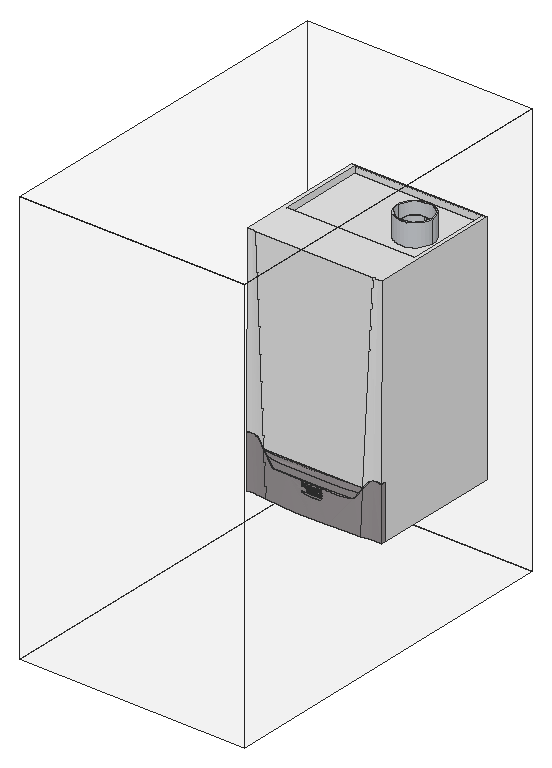
Revit family "Quinta Ace 160kW LOD 5", category Mechanical Equipment, Revit 2020
Family settings
  Round Connector Dimension = Use Radius
  Part Type = Normal
  OmniClass Number = 23.75.10.11.14.14
  OmniClass Title = Condensing Boilers
  Work Plane-Based = No
  Always vertical = Yes
  Cut with Voids When Loaded = No
  Shared = No
  Room Calculation Point = No
Parameters (values of type "160kW")
  Weekly = "0"
  Water Treatment Required = yes
  Water Content = 17.0 L
  Warranty ID = ""
  Voltage = 230 V
  Uniclass2015 = "Pr_60_60_08"
  URL = ""
  Type = "Space heating"
  Turndown Ratio = "5:1"
  Supply Phase = 1
  Starting Current = 0 A
  Sound Pressure Level = "59.5 dBA"
  Shipping Weight = 0.00 kg
  Shape = "Rectangular (Vertical)"
  Safety Valve Connection Type = ""
  Safety Valve Connection Size = 0 mm
  Responsible Sourcing of Materials = "N/A"
  Responsible Extraction of Materials = "N/A"
  Reference Standard = "EU/2016/426 GAR, EN 15502-1, EN 15502-2"
  Rated Output = 161600 W
  Rated Criteria = "50/30"
  Quarterly = "0"
  Product Range = "Quinta Ace 160"
  Product Model Number = "7620526"
  Product Literature = "https://www.remeha.co.uk/product-documents/current-literature"
  Primary Fuel = "Gas - NG"
  Overall Width = 600 mm
  Overall Length = 602 mm
  Overall Height = 1045 mm
  Optional Fuel = "Gas - LPG"
  Operation and Maintenance Manual = "https://www.remeha.co.uk/product-documents/current-literature"
  Oil Consumption rate = 0
  Nominal Oil Inlet Pressure = 0.0 bar
  Nominal Gas Inlet Pressure = 0.017 bar
  NOx Emissions = "36 mg/kWh"
  Mounting = "Wall Mounted"
  Monthly = "0"
  Model = ""
  Minimum Power Consumption = 5.3 W
  Minimum Operating Pressure = 0.8 bar
  Minimum Oil Inlet Pressure = 0.0 bar
  Minimum Gas Inlet Pressure = 0.017 bar
  Minimum Flow Rate at 20C temperature differential = 1.82 L/s
  Minimum Flow Rate at 11C temperature differential = 0.0 L/s
  Maximum Power Consumption = 275 W
  Maximum Operating Pressure = 4.0 bar
  Maximum Oil Inlet Pressure = 0.0 bar
  Maximum Gas Inlet Pressure = 0.025 bar
  Material Ingredient Reporting = "N/A"
  Manufacturer Website = "https://www.remeha.co.uk/"
  Manufacturer = "Remeha Commercial"
  Maintenance Required 8001 to 12000hrs = "0"
  Maintenance Required 601 to 1000hrs = "0"
  Maintenance Required 4001 to 8000hrs = "0"
  Maintenance Required 301 to 600hrs = "0"
  Maintenance Required 2001 to 4000hrs = "0"
  Maintenance Required 1001 to 2000hrs = "0"
  Maintenance Required 0 to 300hrs = "0"
  Location of Manufacturer = "N/A"
  Life Cycle Analysis = "N/A"
  Interlocks = yes
  IfcExportType = "NOTDEFINED"  # constant formula
  IfcExportAs = "IfcBoilerType"  # constant formula
  IP Rating = "X1B"
  IK Rating = "0"
  Hydraulic Resistance at 20C temperature differential = 0.17 bar
  Hydraulic Resistance at 11C temperature differential = 0.0 bar
  Heater Operation = "Condensing"
  Heat Exchanger Material = "Aluminium"
  Gross Weight = 164.00 kg
  Green Guide for Specification = "N/A"
  Gas Consumption rate = "16.5 m3/h"
  Fuse Rating = 6.3 A
  Full Load Current = 0 A
  Fuel Connection Type = "Threaded"
  Fuel Connection Size = 25 mm
  Frequency = 50 Hz
  Flue or Air Intake Classification = "B23p, C13, C33, C53"
  Flue Connection size = 100 mm
  Flow and Return Connection Type = "Threaded"
  Flow and Return Connection Size = 32 mm
  Finish = "High Polish Gardner 60 GRAD 91EH"
  Features = "The Quinta Ace range is a market leading series of versatile, wall hung condensing boilers designed for space heating and hot water production"
  External Material = "Steel"
  Expected Life = "15"
  ErP Seasonal Efficiency = "0 %"
  ErP Rated Efficiency at Part Load = "97.75 %"
  ErP Rated Efficiency at Full Load = "93.34 %"
  ErP Energy Label = "0"
  Environmental Product Declaration = "N/A"
  Energy Technology List = ""
  Embodied Carbon = "N/A"
  Drain Connection Type = ""
  Drain Connection Size = 0 mm
  Description = ""
  Default Elevation = 0 mm
  Daily = "0"
  Control Type = "0 - 10V, Open Therm, Volt free enable, Direct boiler weather compensating control systems available from Remeha as optional extra's."
  Configuration = "Single boiler"
  Condensate Drain Type = "Plain"
  Condensate Drain Size = 32 mm
  Colour = "RAL 9016"
  Clearance Box Visibility [instance] = yes
  Classification.Uniclass.Pr.Number = ""
  Classification.Uniclass.Pr.Description = ""
  CE Mark = "0063CQ3781"
  Burner Control Type = "Modulating"
  Building Regulations Seasonal Efficiency = "96.91 %"
  Bespoke Timeframe = "0"
  BMS Links = yes
  Annually = "06-02"
  Air Inlet Connection Size = 150 mm
  Additional Technical Details = "Not Available"
  Access Clearance Top = 500 mm
  Access Clearance Right = 30 mm
  Access Clearance Rear = 0 mm
  Access Clearance Left = 30 mm
  Access Clearance Front = 1000 mm
  Access Clearance Bottom = 300 mm
  6 Monthly = "06-02"
Reference planes
  plane 1 "Center (Front/Back)": y = 0
  plane 2: z = 0
  plane 3 "Center (Left/Right)": x = 0
  plane 4: y = -602
  plane 5: x = -300
  plane 6: x = 300
  plane 7 "TOP": z = 1045
  plane 8: y = -586.5
  plane 9: x = -212.5
  plane 10: x = 212.5
  plane 11: y = -585.8
  plane 12: x = -259
  plane 13: x = 259
  plane 14: y = -226
  plane 15: y = -139.143
  plane 16: y = -130.143
  plane 17: z = 100
  plane 18: y = -80
  plane 19: x = 190
  plane 20: x = 60
  plane 21: x = -125
  plane 22: z = -40
  plane 23: x = 0
  plane 24: z = 110
  plane 25: z = 1545
Forms (mm)
  Extrusion 1, solid, material "Color RGB 246-246-246", detail levels fine
    sketch origin (0, 0, 0) x (1, 0, 0) y (0, 1, 0)
      loop
        line (-300, -5) -> (-300, -602) -> (300, -602) -> (300, -5) -> (-300, -5)
    from 0 to 1045
  SweptBlend 2, void
    path origin (0, 0, 0) x (1, 0, 0) y (0, 0, 1)
      loop
        line (0, 0) -> (0, 1045)
    profile origin (0, 0, 0) x (-1, 0, 0) y (0, -1, 0)
      loop
        arc (212.5, 594.233) -> (256.046, 588.06) -> (300, 586.5) r 417.646
        line (300, 586.5) -> (310, 586.5) -> (310, 621.5) -> (-325, 621.5) -> (-325, 586.5) -> (-300, 586.5)
        arc (-300, 586.5) -> (-256.046, 588.06) -> (-212.5, 594.233) r 417.646
        arc (-212.5, 594.233) -> (0, 602) -> (212.5, 594.233) r 2910.976
    end profile origin (0, 0, 1045) x (-1, 0, 0) y (0, -1, 0)
      loop
        arc (259, 589.934) -> (279.376, 586.642) -> (300, 585.8) r 172.993
        line (300, 585.8) -> (310, 585.8) -> (310, 620.8) -> (-325, 620.8) -> (-325, 585.8) -> (-300, 585.8)
        arc (-300, 585.8) -> (-279.376, 586.642) -> (-259, 589.934) r 172.993
        arc (-259, 589.934) -> (0, 602) -> (259, 589.934) r 2785.878
  Extrusion 3, void
    sketch origin (0, 0, 0) x (1, 0, 0) y (0, 0, 1)
      loop
        line (0, 197.5) -> (-221.271, 197.5) -> (-242.845, 227.195)
        arc (-242.845, 227.195) -> (-251.721, 234.775) -> (-263.071, 237.5) r 25
        line (-263.071, 237.5) -> (-323.071, 237.5) -> (-323.071, -22.5) -> (0, -22.5) -> (323.071, -22.5) -> (323.071, 237.5) -> (263.071, 237.5)
        arc (263.071, 237.5) -> (251.721, 234.775) -> (242.845, 227.195) r 25
        line (242.845, 227.195) -> (221.271, 197.5) -> (0, 197.5)
    from 570.802 to 631.453
  Extrusion 4, solid, material "Color RGB 127-118-121", detail levels fine
    sketch origin (0, 0, 0) x (1, 0, 0) y (0, 0, 1)
      loop
        line (-263.071, 235.5) -> (-300, 235.5) -> (-300, 0) -> (300, 0) -> (300, 235.5) -> (263.071, 235.5)
        arc (263.071, 235.5) -> (252.629, 232.993) -> (244.464, 226.019) r 23
        line (244.464, 226.019) -> (186.185, 145.805)
        arc (186.185, 145.805) -> (177.309, 138.225) -> (165.959, 135.5) r 25
        line (165.959, 135.5) -> (0, 135.5) -> (-165.959, 135.5)
        arc (-165.959, 135.5) -> (-177.309, 138.225) -> (-186.185, 145.805) r 25
        line (-186.185, 145.805) -> (-244.464, 226.019)
        arc (-244.464, 226.019) -> (-252.629, 232.993) -> (-263.071, 235.5) r 23
      loop
        line (0, 195.5) -> (-219.818, 195.5) -> (-202.192, 171.24) -> (202.192, 171.24) -> (219.818, 195.5) -> (0, 195.5)
    from 570.802 to 613.181
  Extrusion 5, solid, material "Color RGB 127-118-121", detail levels fine
    sketch origin (0, 0, 0) x (1, 0, 0) y (0, 0, 1)
      loop
        arc (165.959, 137.5) -> (176.401, 140.007) -> (184.567, 146.981) r 23
        line (184.567, 146.981) -> (202.192, 171.24) -> (-202.192, 171.24) -> (-184.567, 146.981)
        arc (-184.567, 146.981) -> (-176.401, 140.007) -> (-165.959, 137.5) r 23
        line (-165.959, 137.5) -> (0, 137.5) -> (165.959, 137.5)
    from 578.899 to 594.851
  Extrusion 6, solid, material "Color RAL 9004", detail levels fine
    sketch origin (0, 0, 15) x (1, 0, 0) y (0, 0, 1)
      loop
        line (-45.689, 117.225) -> (-45.689, 115.733) -> (45.689, 115.733) -> (45.689, 117.225) -> (-45.689, 117.225)
      loop
        line (-45.689, 99.322) -> (45.689, 99.322) -> (45.689, 100.814) -> (-45.689, 100.814) -> (-45.689, 99.322)
      loop
        line (-42.232, 113.44) -> (-42.232, 102.409) -> (-31.039, 102.409) -> (-31.039, 106.738) -> (-28.425, 106.738)
        arc (-28.425, 106.738) -> (-27.322, 106.235) -> (-26.978, 105.073) r 1.461
        arc (-26.978, 105.073) -> (-26.978, 103.715) -> (-26.604, 102.409) r 4.881
        line (-26.604, 102.409) -> (-24.432, 102.409)
        arc (-24.432, 102.409) -> (-24.707, 103.981) -> (-24.792, 105.574) r 13.3
        arc (-24.792, 105.574) -> (-25.19, 106.864) -> (-26.258, 107.69) r 2.238
        arc (-26.258, 107.69) -> (-24.353, 110.991) -> (-27.272, 113.44) r 2.964
        line (-27.272, 113.44) -> (-31.039, 113.44) -> (-42.232, 113.44)
      loop
        line (-31.039, 111.54) -> (-31.039, 108.525) -> (-28.028, 108.525)
        arc (-28.028, 108.525) -> (-27.405, 108.752) -> (-27.074, 109.325) r 0.968
        arc (-27.074, 109.325) -> (-26.903, 110.083) -> (-27.092, 110.836) r 1.677
        arc (-27.092, 110.836) -> (-27.607, 111.351) -> (-28.311, 111.54) r 1.408
        line (-28.311, 111.54) -> (-31.039, 111.54)
      loop
        line (-40.203, 111.54) -> (-40.203, 104.458) -> (-33.123, 104.458) -> (-33.123, 111.54) -> (-40.203, 111.54)
      loop
        line (-13.528, 110.572) -> (-15.62, 110.572) -> (-15.62, 102.409) -> (-13.365, 102.409) -> (-13.365, 106.796)
        arc (-13.365, 106.796) -> (-12.951, 107.989) -> (-11.887, 108.669) r 1.926
        arc (-11.887, 108.669) -> (-11.126, 108.697) -> (-10.414, 108.427) r 1.926
        line (-10.414, 108.427) -> (-10.414, 110.774)
        arc (-10.414, 110.774) -> (-12.272, 110.526) -> (-13.528, 109.135) r 2.719
        line (-13.528, 109.135) -> (-13.528, 110.572)
      loop
        line (-7.667, 106.024) -> (-1.906, 106.024)
        arc (-1.906, 106.024) -> (-5.919, 110.761) -> (-9.79, 105.907) r 4.019
        arc (-9.79, 105.907) -> (-6.311, 102.274) -> (-2.08, 104.995) r 3.955
        line (-2.08, 104.995) -> (-4.034, 104.995)
        arc (-4.034, 104.995) -> (-6.302, 103.917) -> (-7.667, 106.024) r 1.904
      loop
        line (-7.679, 107.389) -> (-4.038, 107.389)
        arc (-4.038, 107.389) -> (-5.859, 109.21) -> (-7.679, 107.389) r 1.821
      loop
        line (1.995, 109.429) -> (1.995, 110.606) -> (-0.099, 110.606) -> (-0.099, 102.568) -> (2.082, 102.568) -> (2.082, 107.685)
        arc (2.082, 107.685) -> (3.516, 109.119) -> (4.95, 107.685) r 1.434
        line (4.95, 107.685) -> (4.95, 102.568) -> (7.133, 102.568) -> (7.133, 107.685)
        arc (7.133, 107.685) -> (8.538, 109.091) -> (9.943, 107.685) r 1.405
        line (9.943, 107.685) -> (9.943, 102.568) -> (12.094, 102.568) -> (12.094, 107.843)
        arc (12.094, 107.843) -> (12.13, 108.706) -> (11.801, 109.504) r 2.013
        arc (11.801, 109.504) -> (9.286, 110.82) -> (6.77, 109.504) r 3.062
        arc (6.77, 109.504) -> (4.361, 110.845) -> (1.995, 109.429) r 2.758
      loop
        line (16.165, 106.024) -> (21.927, 106.024)
        arc (21.927, 106.024) -> (17.914, 110.761) -> (14.043, 105.907) r 4.019
        arc (14.043, 105.907) -> (17.522, 102.274) -> (21.752, 104.995) r 3.955
        line (21.752, 104.995) -> (19.798, 104.995)
        arc (19.798, 104.995) -> (17.531, 103.917) -> (16.165, 106.024) r 1.904
      loop
        line (16.153, 107.389) -> (19.795, 107.389)
        arc (19.795, 107.389) -> (17.974, 109.21) -> (16.153, 107.389) r 1.821
      loop
        line (25.905, 113.632) -> (23.604, 113.632) -> (23.604, 102.61) -> (25.905, 102.61) -> (25.905, 107.389)
        arc (25.905, 107.389) -> (27.43, 109.266) -> (28.955, 107.389) r 1.558
        line (28.955, 107.389) -> (28.955, 102.61) -> (31.231, 102.61) -> (31.231, 108.077)
        arc (31.231, 108.077) -> (29.115, 110.834) -> (25.905, 109.504) r 2.854
        line (25.905, 109.504) -> (25.905, 113.632)
      loop
        line (33.183, 108.096) -> (35.391, 108.096)
        arc (35.391, 108.096) -> (35.631, 108.813) -> (36.269, 109.219) r 1.134
        arc (36.269, 109.219) -> (36.971, 109.332) -> (37.678, 109.25) r 2.595
        arc (37.678, 109.25) -> (38.3, 108.515) -> (37.815, 107.683) r 0.835
        arc (37.815, 107.683) -> (36.68, 107.319) -> (35.492, 107.231) r 5.066
        arc (35.492, 107.231) -> (34.329, 107) -> (33.404, 106.257) r 2.494
        arc (33.404, 106.257) -> (32.892, 104.606) -> (33.578, 103.018) r 2.494
        arc (33.578, 103.018) -> (34.993, 102.453) -> (36.517, 102.43) r 4.203
        arc (36.517, 102.43) -> (37.635, 102.802) -> (38.301, 103.774) r 1.849
        arc (38.301, 103.774) -> (38.375, 103.174) -> (38.552, 102.595) r 3.473
        line (38.552, 102.595) -> (40.746, 102.595)
        arc (40.746, 102.595) -> (40.502, 103.404) -> (40.42, 104.244) r 4.328
        line (40.42, 104.244) -> (40.42, 108.804)
        arc (40.42, 108.804) -> (39.887, 110.09) -> (38.601, 110.622) r 1.818
        arc (38.601, 110.622) -> (36.959, 110.806) -> (35.316, 110.622) r 7.451
        arc (35.316, 110.622) -> (33.826, 109.717) -> (33.183, 108.096) r 2.74
      loop
        arc (35.172, 105.313) -> (35.183, 104.593) -> (35.638, 104.034) r 1.099
        arc (35.638, 104.034) -> (36.384, 103.86) -> (37.141, 103.983) r 1.976
        arc (37.141, 103.983) -> (37.944, 104.606) -> (38.248, 105.576) r 1.7
        line (38.248, 105.576) -> (38.248, 106.748)
        arc (38.248, 106.748) -> (37.61, 106.256) -> (36.808, 106.167) r 1.491
        arc (36.808, 106.167) -> (35.848, 106.013) -> (35.172, 105.313) r 1.536
      loop
        arc (-20.742, 93.628) -> (-21.553, 93.292) -> (-21.89, 92.48) r 1.148
        line (-21.89, 92.48) -> (-21.89, 87.317)
        arc (-21.89, 87.317) -> (-21.553, 86.505) -> (-20.742, 86.169) r 1.148
        line (-20.742, 86.169) -> (-16.122, 86.169) -> (-15.083, 84.278) -> (-13.568, 85.111) -> (-14.321, 86.48) -> (-14.321, 92.48)
        arc (-14.321, 92.48) -> (-14.657, 93.292) -> (-15.469, 93.628) r 1.148
        line (-15.469, 93.628) -> (-20.742, 93.628)
      loop
        arc (-19.37, 92.343) -> (-20.182, 92.007) -> (-20.518, 91.195) r 1.148
        line (-20.518, 91.195) -> (-20.518, 88.702)
        arc (-20.518, 88.702) -> (-20.182, 87.891) -> (-19.37, 87.554) r 1.148
        line (-19.37, 87.554) -> (-16.878, 87.554)
        arc (-16.878, 87.554) -> (-16.067, 87.891) -> (-15.73, 88.702) r 1.148
        line (-15.73, 88.702) -> (-15.73, 91.195)
        arc (-15.73, 91.195) -> (-16.067, 92.007) -> (-16.878, 92.343) r 1.148
        line (-16.878, 92.343) -> (-19.37, 92.343)
      loop
        arc (-13.68, 87.317) -> (-13.344, 86.505) -> (-12.532, 86.169) r 1.148
        line (-12.532, 86.169) -> (-6.652, 86.169)
        arc (-6.652, 86.169) -> (-5.841, 86.505) -> (-5.504, 87.317) r 1.148
        line (-5.504, 87.317) -> (-5.504, 93.628) -> (-7.277, 93.628) -> (-7.277, 88.702)
        arc (-7.277, 88.702) -> (-7.613, 87.891) -> (-8.425, 87.554) r 1.148
        line (-8.425, 87.554) -> (-10.759, 87.554)
        arc (-10.759, 87.554) -> (-11.571, 87.891) -> (-11.907, 88.702) r 1.148
        line (-11.907, 88.702) -> (-11.907, 93.628) -> (-13.68, 93.628) -> (-13.68, 87.317)
      loop
        line (-0.558, 93.361) -> (-0.558, 86.48) -> (1.017, 86.48) -> (1.017, 91.639) -> (3.423, 86.48) -> (5.75, 86.48) -> (5.75, 93.361) -> (4.175, 93.361) -> (4.175, 88.202) -> (1.769, 93.361) -> (-0.558, 93.361)
      loop
        line (11.539, 91.718) -> (14.274, 91.718) -> (14.274, 93.361) -> (7.079, 93.361) -> (7.079, 91.718) -> (9.814, 91.718) -> (9.814, 86.48) -> (11.539, 86.48) -> (11.539, 91.718)
      loop
        line (17.19, 93.361) -> (13.465, 86.48) -> (15.783, 86.48) -> (16.53, 87.891) -> (20.624, 87.891) -> (21.371, 86.48) -> (23.881, 86.48) -> (19.937, 93.361) -> (17.19, 93.361)
      loop
        line (18.558, 91.764) -> (17.228, 89.18) -> (19.927, 89.18) -> (18.558, 91.764)
      loop
        line (-2.18, 93.628) -> (-3.953, 93.628) -> (-3.953, 86.169) -> (-2.18, 86.169) -> (-2.18, 93.628)
      loop
        line (29.989, 92.639) -> (26.759, 86.672) -> (28.769, 86.672) -> (29.539, 88.166) -> (32.156, 88.166) -> (32.925, 86.672) -> (34.865, 86.672) -> (31.705, 92.639) -> (29.989, 92.639)
      loop
        line (30.847, 91.255) -> (29.779, 89.18) -> (31.946, 89.18) -> (30.847, 91.255)
      loop
        line (39.369, 90.934) -> (39.369, 92.639) -> (37.663, 92.639)
        arc (37.663, 92.639) -> (34.679, 89.656) -> (37.663, 86.672) r 2.984
        line (37.663, 86.672) -> (39.369, 86.672) -> (39.369, 88.378) -> (37.646, 88.378)
        arc (37.646, 88.378) -> (36.368, 89.656) -> (37.646, 90.934) r 1.278
        line (37.646, 90.934) -> (39.369, 90.934)
      loop
        line (40.964, 92.639) -> (40.964, 86.672) -> (43.948, 86.672) -> (43.948, 87.865) -> (42.157, 87.865) -> (42.157, 89.059) -> (43.948, 89.059) -> (43.948, 90.252) -> (42.157, 90.252) -> (42.157, 91.446) -> (43.948, 91.446) -> (43.948, 92.639) -> (40.964, 92.639)
    from 600.389 to 603.257
  Extrusion 7, void
    sketch origin (0, 0, 0) x (1, 0, 0) y (0, 0, 1)
      loop
        line (50, 96.667) -> (-50, 96.667) -> (-37.835, 84.502) -> (37.835, 84.502) -> (50, 96.667)
    from 598.454 to 608.186
  Extrusion 8, void
    sketch origin (0, -5, 0) x (1, 0, 0) y (0, 1, 0)
      loop
        line (284, -2.5) -> (-284, -2.5) -> (-284, -383) -> (284, -383) -> (284, -2.5)
    from 1015 to 1075.078
  Extrusion 9, solid, material "Color RGB 127-118-121", detail levels fine
    sketch origin (0, 0, 0) x (0, 1, 0) y (0, 0, 1)
      loop
        line (-5, 1035.5) -> (-5, 1010.5) -> (-2, 1010.5) -> (-2, 989.5) -> (0, 989.5) -> (0, 1012.5) -> (-3, 1012.5) -> (-3, 1035.5) -> (-5, 1035.5)
    from -270 to 270
  Extrusion 10, void
    sketch origin (0, 0, 0) x (1, 0, 0) y (0, 0, 1)
      loop
        line (233.5, 1005) -> (233.5, 998)
        arc (233.5, 998) -> (236, 995.5) -> (238.5, 998) r 2.5
        line (238.5, 998) -> (238.5, 1005)
        arc (238.5, 1005) -> (236, 1007.5) -> (233.5, 1005) r 2.5
      loop
        line (17.5, 1005) -> (17.5, 998)
        arc (17.5, 998) -> (20, 995.5) -> (22.5, 998) r 2.5
        line (22.5, 998) -> (22.5, 1005)
        arc (22.5, 1005) -> (20, 1007.5) -> (17.5, 1005) r 2.5
      loop
        arc (-233.5, 1005) -> (-236, 1007.5) -> (-238.5, 1005) r 2.5
        line (-238.5, 1005) -> (-238.5, 998)
        arc (-238.5, 998) -> (-236, 995.5) -> (-233.5, 998) r 2.5
        line (-233.5, 998) -> (-233.5, 1005)
      loop
        arc (-17.5, 1005) -> (-20, 1007.5) -> (-22.5, 1005) r 2.5
        line (-22.5, 1005) -> (-22.5, 998)
        arc (-22.5, 998) -> (-20, 995.5) -> (-17.5, 998) r 2.5
        line (-17.5, 998) -> (-17.5, 1005)
    from -6.013 to 3.638
  Revolve 11, solid, material "Color RGB 127-118-121", detail levels fine
    sketch origin (157, 155.443, 1200) x (0, 1, 0) y (0, 0, 1)
      loop
        line (-310.315, -164.038) -> (-307.066, -172.965) -> (-281, -163.478) -> (-285.618, -150.792) -> (-295.954, -154.554) -> (-294.586, -158.313) -> (-310.315, -164.038)
      axis (-307.066, -172.965) -> (-281, -163.478)
    angle from 0 to 360
  Extrusion 12, void
    sketch origin (0, 0, 0) x (1, 0, 0) y (0, 1, 0)
      loop
        line (-242, -24) -> (-242, -543) -> (242, -543) -> (242, -24) -> (-242, -24)
    from -10.86 to 100
  Extrusion 13, solid, material "Color RGB 246-246-246", detail levels fine
    sketch origin (0, 0, 0) x (1, 0, 0) y (0, 1, 0)
      loop
        circle (190, -80) r 12.5
      loop
        circle (60, -80) r 16
      loop
        circle (-125, -80) r 16
      loop
        circle (0, -80) r 16
    from -40 to 110
  Extrusion 14, solid, detail levels coarse+medium
    sketch origin (-148, 155.443, 1200) x (0, 1, 0) y (0, 0, 1)
      loop
        line (-158.443, -187.5) -> (-158.443, -164.5) -> (-160.443, -164.5) -> (-160.443, -189.5) -> (-157.443, -189.5) -> (-157.443, -210.5) -> (-155.443, -210.5) -> (-155.443, -187.5) -> (-158.443, -187.5)
    from -122 to 418
  Extrusion 15, void
    sketch origin (0, 0, 0) x (1, 0, 0) y (0, 1, 0)
      loop
        circle (190, -80) r 30
      loop
        circle (60, -80) r 30
      loop
        circle (-125, -80) r 55.25
    from 100 to 110
  Extrusion 16, solid
    sketch origin (0, 0, 0) x (1, 0, 0) y (0, 1, 0)
      loop
        circle (157, -226) r 80
      loop
        circle (157, -226) r 75
    from 1015 to 1112.631
  Extrusion 17, solid, material "Glass - Clear - Amber", visible <- "Clearance Box Visibility"
    sketch origin (0, 0, 0) x (0, 1, 0) y (0, 0, 1)
      loop
        line (0, 1545) -> (-1600, 1545) -> (-1600, -300) -> (0, -300) -> (0, 1545)
    from -500 to 500
  Extrusion 18, solid
    sketch origin (0, 0, 1045) x (0, 1, 0) y (-1, 0, 0)
      loop
        circle (-226, -157) r 50
      loop
        circle (-226, -157) r 55
    from 0 to 25
Cuts and joins
  SweptBlend 2, Extrusion 3, Extrusion 8, Extrusion 12, Extrusion 15 cuts Extrusion 1
  SweptBlend 2, Extrusion 7 cuts Extrusion 4
  joined: Extrusion 4, Extrusion 5
  Extrusion 10 cuts Extrusion 9
Dimensions and locks
  plane 4 to plane 1 "Center (Front/Back)" = 602 mm
  plane 5 to plane 6 = 600 mm
  equal spacing: plane 5, plane 3 "Center (Left/Right)", plane 6
  plane 7 "TOP" to level = 1045 mm
  radius of Extrusion 13 sketch curve = 12.5 mm
  radius of Extrusion 13 sketch curve = 16 mm  (x2)
  aligned and locked: level to plane 2
  aligned and locked: Extrusion 13 to plane 22
  aligned and locked: plane 24 to Extrusion 13
  aligned and locked: plane 17 to Extrusion 12
Automatic sketch dimensions
  Extrusion 1 sketch curve to plane 4 = 0 mm
  Extrusion 1 sketch curve to plane 5 = 0 mm
  Extrusion 1 sketch curve to plane 6 = 0 mm
  plane 1 "Center (Front/Back)" to Extrusion 1 sketch curve = 5 mm
  SweptBlend 2 sketch curve to plane 3 "Center (Left/Right)" = 0 mm
  SweptBlend 2 sketch curve to level = 0 mm
  plane 7 "TOP" to SweptBlend 2 sketch curve = 0 mm
  SweptBlend 2 sketch curve to plane 8 = 0 mm  (x2)
  SweptBlend 2 sketch curve to plane 10 = 0 mm
  SweptBlend 2 sketch curve to profile plane = 0 mm  (x2)
  SweptBlend 2 sketch curve to plane 9 = 0 mm
  SweptBlend 2 sketch curve to plane 10 = 80.315 mm
  SweptBlend 2 sketch curve to plane 8 = 35 mm
  SweptBlend 2 sketch curve to plane 10 = 112.5 mm
  SweptBlend 2 sketch curve to plane 9 = 80.315 mm
  SweptBlend 2 sketch curve to plane 9 = 87.5 mm
  SweptBlend 2 sketch curve to SweptBlend 2 sketch curve = 10 mm
  SweptBlend 2 sketch curve to plane 1 "Center (Front/Back)" = 2308.976 mm
  SweptBlend 2 sketch curve to SweptBlend 2 sketch curve = 382.585 mm  (x2)
  SweptBlend 2 sketch curve to plane 11 = 0 mm  (x2)
  SweptBlend 2 sketch curve to plane 13 = 0 mm
  SweptBlend 2 sketch curve to plane 12 = 0 mm
  SweptBlend 2 sketch curve to plane 13 = 37.733 mm
  SweptBlend 2 sketch curve to plane 13 = 41 mm
  SweptBlend 2 sketch curve to SweptBlend 2 sketch curve = 25 mm
  SweptBlend 2 sketch curve to plane 12 = 37.733 mm
  SweptBlend 2 sketch curve to plane 12 = 51 mm
  SweptBlend 2 sketch curve to plane 1 "Center (Front/Back)" = 2183.878 mm
  SweptBlend 2 sketch curve to plane 11 = 35 mm
  SweptBlend 2 sketch curve to SweptBlend 2 sketch curve = 137.963 mm  (x2)
  Extrusion 3 sketch curve to plane 3 "Center (Left/Right)" = 0 mm  (x2)
  plane 5 to Extrusion 3 sketch curve = 78.729 mm
  Extrusion 3 sketch curve to Extrusion 3 sketch curve = 21.574 mm  (x2)
  Extrusion 3 sketch curve to Extrusion 3 sketch curve = 20.225 mm  (x2)
  Extrusion 3 sketch curve to plane 5 = 23.071 mm
  Extrusion 3 sketch curve to plane 6 = 78.729 mm
  plane 6 to Extrusion 3 sketch curve = 23.071 mm
  Extrusion 3 sketch curve to level = 22.5 mm
  level to Extrusion 3 sketch curve = 197.5 mm
  Extrusion 3 sketch curve to Extrusion 3 sketch curve = 15 mm  (x2)
  Extrusion 3 sketch curve to Extrusion 3 sketch curve = 14.695 mm  (x2)
  Extrusion 4 sketch curve to plane 5 = 0 mm
  Extrusion 4 sketch curve to plane 3 "Center (Left/Right)" = 0 mm  (x2)
  Extrusion 4 sketch curve to level = 0 mm
  Extrusion 4 sketch curve to plane 6 = 0 mm
  plane 5 to Extrusion 4 sketch curve = 36.929 mm
  Extrusion 4 sketch curve to Extrusion 4 sketch curve = 18.607 mm  (x2)
  Extrusion 4 sketch curve to Extrusion 4 sketch curve = 24.646 mm  (x2)
  Extrusion 4 sketch curve to Extrusion 4 sketch curve = 17.626 mm  (x2)
  Extrusion 4 sketch curve to Extrusion 4 sketch curve = 16.008 mm
  Extrusion 4 sketch curve to Extrusion 4 sketch curve = 20.225 mm  (x2)
  Extrusion 4 sketch curve to plane 6 = 134.041 mm
  Extrusion 4 sketch curve to Extrusion 4 sketch curve = 33.633 mm
  level to Extrusion 4 sketch curve = 135.5 mm
  Extrusion 4 sketch curve to Extrusion 4 sketch curve = 10.305 mm  (x2)
  Extrusion 4 sketch curve to Extrusion 4 sketch curve = 25.435 mm
  Extrusion 4 sketch curve to Extrusion 4 sketch curve = 24.26 mm
  Extrusion 4 sketch curve to Extrusion 4 sketch curve = 17 mm  (x2)
  Extrusion 4 sketch curve to Extrusion 4 sketch curve = 13.519 mm  (x2)
  Extrusion 5 sketch curve to plane 3 "Center (Left/Right)" = 0 mm
  plane 5 to Extrusion 5 sketch curve = 134.041 mm
  Extrusion 5 sketch curve to Extrusion 5 sketch curve = 18.607 mm  (x2)
  Extrusion 5 sketch curve to Extrusion 5 sketch curve = 17.626 mm  (x2)
  Extrusion 5 sketch curve to plane 6 = 134.041 mm
  level to Extrusion 5 sketch curve = 137.5 mm
  Extrusion 5 sketch curve to Extrusion 5 sketch curve = 9.481 mm
  Extrusion 5 sketch curve to Extrusion 5 sketch curve = 23 mm
  Extrusion 5 sketch curve to Extrusion 5 sketch curve = 24.26 mm
  Extrusion 7 sketch curve to plane 3 "Center (Left/Right)" = 50 mm
  Extrusion 7 sketch curve to Extrusion 7 sketch curve = 12.165 mm  (x3)
  plane 3 "Center (Left/Right)" to Extrusion 7 sketch curve = 50 mm
  level to Extrusion 7 sketch curve = 84.502 mm
  Extrusion 8 sketch curve to plane 6 = 16 mm
  plane 5 to Extrusion 8 sketch curve = 16 mm
  plane 1 "Center (Front/Back)" to Extrusion 8 sketch curve = 7.5 mm
  Extrusion 8 sketch curve to plane 14 = 162 mm
  Extrusion 9 sketch curve to plane 1 "Center (Front/Back)" = 0 mm
  plane 1 "Center (Front/Back)" to Extrusion 9 sketch curve = 2 mm
  plane 1 "Center (Front/Back)" to Extrusion 9 sketch curve = 3 mm
  Extrusion 9 sketch curve to Extrusion 9 sketch curve = 2 mm  (x2)
  Extrusion 9 sketch curve to plane 7 "TOP" = 55.5 mm
  Extrusion 9 sketch curve to Extrusion 9 sketch curve = 23 mm
  Extrusion 9 sketch curve to plane 7 "TOP" = 9.5 mm
  plane 5 to Extrusion 10 sketch curve = 61.5 mm
  Extrusion 10 sketch curve to Extrusion 10 sketch curve = 2.5 mm  (x4)
  Extrusion 10 sketch curve to plane 3 "Center (Left/Right)" = 22.5 mm
  plane 3 "Center (Left/Right)" to Extrusion 10 sketch curve = 17.5 mm
  Extrusion 10 sketch curve to plane 6 = 66.5 mm
  Extrusion 10 sketch curve to plane 7 "TOP" = 47 mm  (x3)
  Extrusion 10 sketch curve to Extrusion 10 sketch curve = 0 mm
  Extrusion 10 sketch curve to Extrusion 10 sketch curve = 7 mm  (x4)
  Revolve 11 sketch curve to plane 15 = 0 mm
  plane 7 "TOP" to Revolve 11 sketch curve = 0.446 mm
  plane 15 to Revolve 11 sketch curve = 1.368 mm
  plane 15 to Revolve 11 sketch curve = 12.48 mm
  Revolve 11 sketch curve to plane 7 "TOP" = 9.038 mm
  Revolve 11 sketch curve to Revolve 11 sketch curve = 3.249 mm
  plane 16 to Revolve 11 sketch curve = 0.031 mm
  Revolve 11 sketch curve to Revolve 11 sketch curve = 5.159 mm
  Revolve 11 sketch curve to plane 16 = 1.552 mm
  Revolve 11 sketch curve to Revolve 11 sketch curve = 1.878 mm
  Revolve 11 sketch curve to Revolve 11 sketch curve = 1.104 mm
  plane 5 to Extrusion 12 sketch curve = 58 mm
  Extrusion 12 sketch curve to plane 6 = 58 mm
  plane 4 to Extrusion 12 sketch curve = 59 mm
  plane 1 "Center (Front/Back)" to Extrusion 12 sketch curve = 24 mm
  Extrusion 14 sketch curve to plane 1 "Center (Front/Back)" = 0 mm
  plane 1 "Center (Front/Back)" to Extrusion 14 sketch curve = 2 mm
  plane 1 "Center (Front/Back)" to Extrusion 14 sketch curve = 3 mm
  Extrusion 14 sketch curve to Extrusion 14 sketch curve = 2 mm  (x2)
  Extrusion 14 sketch curve to plane 7 "TOP" = 55.5 mm
  Extrusion 14 sketch curve to Extrusion 14 sketch curve = 21 mm
  Extrusion 14 sketch curve to plane 7 "TOP" = 9.5 mm
  plane 18 to Extrusion 15 sketch curve = 0 mm  (x3)
  Extrusion 15 sketch curve to plane 21 = 0 mm
  Extrusion 15 sketch curve to plane 20 = 0 mm
  Extrusion 15 sketch curve to plane 19 = 0 mm
  Extrusion 16 sketch curve to Extrusion 16 sketch curve = 0 mm  (x2)
  Extrusion 16 sketch curve to plane 14 = 0 mm
  Extrusion 16 sketch curve to plane 19 = 33 mm
  plane 18 to Extrusion 13 sketch curve = 0 mm  (x4)
  Extrusion 13 sketch curve to plane 21 = 0 mm
  Extrusion 13 sketch curve to plane 3 "Center (Left/Right)" = 0 mm
  Extrusion 13 sketch curve to plane 20 = 0 mm
  Extrusion 13 sketch curve to plane 19 = 0 mm
  Extrusion 17 sketch curve to level = 300 mm
  plane 25 to Extrusion 17 sketch curve = 0 mm
  Extrusion 17 sketch curve to plane 4 = 998 mm
  Extrusion 17 sketch curve to plane 1 "Center (Front/Back)" = 0 mm
  Extrusion 18 sketch curve to Extrusion 18 sketch curve = 0 mm  (x2)
  Extrusion 18 sketch curve to plane 14 = 0 mm
  Extrusion 18 sketch curve to plane 19 = 33 mm
  Extrusion 6 sketch curve to Extrusion 6 sketch curve = 0 mm  (x25)
  Extrusion 6 sketch curve to plane 3 "Center (Left/Right)" = 45.689 mm
  Extrusion 6 sketch curve to Extrusion 6 sketch curve = 3.457 mm
  Extrusion 6 sketch curve to Extrusion 6 sketch curve = 2.028 mm
  Extrusion 6 sketch curve to Extrusion 6 sketch curve = 7.08 mm
  Extrusion 6 sketch curve to Extrusion 6 sketch curve = 2.084 mm  (x2)
  Extrusion 6 sketch curve to Extrusion 6 sketch curve = 2.459 mm
  Extrusion 6 sketch curve to Extrusion 6 sketch curve = 2.614 mm
  Extrusion 6 sketch curve to Extrusion 6 sketch curve = 0.269 mm
  Extrusion 6 sketch curve to Extrusion 6 sketch curve = 0.283 mm
  Extrusion 6 sketch curve to Extrusion 6 sketch curve = 1.039 mm  (x2)
  Extrusion 6 sketch curve to Extrusion 6 sketch curve = 1.395 mm
  Extrusion 6 sketch curve to Extrusion 6 sketch curve = 0.426 mm
  Extrusion 6 sketch curve to Extrusion 6 sketch curve = 2.172 mm
  Extrusion 6 sketch curve to Extrusion 6 sketch curve = 2.287 mm
  Extrusion 6 sketch curve to plane 24 = 7.683 mm
  Extrusion 6 sketch curve to Extrusion 6 sketch curve = 2.542 mm
  Extrusion 6 sketch curve to Extrusion 6 sketch curve = 1.148 mm  (x5)
  Extrusion 6 sketch curve to Extrusion 6 sketch curve = 0.224 mm
  Extrusion 6 sketch curve to Extrusion 6 sketch curve = 1.372 mm  (x2)
  Extrusion 6 sketch curve to Extrusion 6 sketch curve = 2.491 mm
  Extrusion 6 sketch curve to Extrusion 6 sketch curve = 2.492 mm  (x2)
  Extrusion 6 sketch curve to Extrusion 6 sketch curve = 0.756 mm
  Extrusion 6 sketch curve to Extrusion 6 sketch curve = 6.525 mm
  Extrusion 6 sketch curve to Extrusion 6 sketch curve = 0.261 mm
  Extrusion 6 sketch curve to plane 24 = 10.722 mm
  Extrusion 6 sketch curve to plane 24 = 8.52 mm  (x4)
  Extrusion 6 sketch curve to Extrusion 6 sketch curve = 1.801 mm
  Extrusion 6 sketch curve to Extrusion 6 sketch curve = 0.641 mm
  Extrusion 6 sketch curve to Extrusion 6 sketch curve = 2.092 mm
  Extrusion 6 sketch curve to Extrusion 6 sketch curve = 2.255 mm
  Extrusion 6 sketch curve to Extrusion 6 sketch curve = 1.036 mm
  Extrusion 6 sketch curve to Extrusion 6 sketch curve = 0.625 mm  (x2)
  Extrusion 6 sketch curve to Extrusion 6 sketch curve = 1.873 mm
  Extrusion 6 sketch curve to Extrusion 6 sketch curve = 0.054 mm
  Extrusion 6 sketch curve to Extrusion 6 sketch curve = 0.433 mm
  Extrusion 6 sketch curve to Extrusion 6 sketch curve = 0.591 mm
  Extrusion 6 sketch curve to Extrusion 6 sketch curve = 2.334 mm
  Extrusion 6 sketch curve to Extrusion 6 sketch curve = 2.735 mm
  Extrusion 6 sketch curve to Extrusion 6 sketch curve = 0.012 mm  (x2)
  Extrusion 6 sketch curve to Extrusion 6 sketch curve = 4.63 mm
  Extrusion 6 sketch curve to Extrusion 6 sketch curve = 1.82 mm  (x2)
  Extrusion 6 sketch curve to Extrusion 6 sketch curve = 0.001 mm  (x2)
  Extrusion 6 sketch curve to Extrusion 6 sketch curve = 0.013 mm  (x2)
  Extrusion 6 sketch curve to Extrusion 6 sketch curve = 0.064 mm  (x2)
  Extrusion 6 sketch curve to Extrusion 6 sketch curve = 1.773 mm  (x2)
  Extrusion 6 sketch curve to Extrusion 6 sketch curve = 1.749 mm  (x2)
  Extrusion 6 sketch curve to Extrusion 6 sketch curve = 1.551 mm
  Extrusion 6 sketch curve to Extrusion 6 sketch curve = 1.954 mm  (x2)
  Extrusion 6 sketch curve to Extrusion 6 sketch curve = 0.175 mm  (x2)
  Extrusion 6 sketch curve to plane 3 "Center (Left/Right)" = 0.558 mm
  Extrusion 6 sketch curve to plane 3 "Center (Left/Right)" = 0.099 mm
  plane 3 "Center (Left/Right)" to Extrusion 6 sketch curve = 1.017 mm
  plane 3 "Center (Left/Right)" to Extrusion 6 sketch curve = 1.769 mm
  plane 3 "Center (Left/Right)" to Extrusion 6 sketch curve = 1.995 mm
  plane 3 "Center (Left/Right)" to Extrusion 6 sketch curve = 2.082 mm
  Extrusion 6 sketch curve to Extrusion 6 sketch curve = 2.406 mm
  Extrusion 6 sketch curve to Extrusion 6 sketch curve = 1.434 mm
  Extrusion 6 sketch curve to Extrusion 6 sketch curve = 0.752 mm
  Extrusion 6 sketch curve to Extrusion 6 sketch curve = 0.545 mm
  Extrusion 6 sketch curve to Extrusion 6 sketch curve = 1.575 mm
  Extrusion 6 sketch curve to Extrusion 6 sketch curve = 1.328 mm
  Extrusion 6 sketch curve to Extrusion 6 sketch curve = 2.183 mm
  Extrusion 6 sketch curve to Extrusion 6 sketch curve = 1.405 mm
  Extrusion 6 sketch curve to Extrusion 6 sketch curve = 0.657 mm
  Extrusion 6 sketch curve to Extrusion 6 sketch curve = 2.736 mm  (x2)
  Extrusion 6 sketch curve to Extrusion 6 sketch curve = 0.205 mm
  Extrusion 6 sketch curve to Extrusion 6 sketch curve = 1.725 mm
  Extrusion 6 sketch curve to Extrusion 6 sketch curve = 1.946 mm
  Extrusion 6 sketch curve to Extrusion 6 sketch curve = 1.926 mm
  Extrusion 6 sketch curve to Extrusion 6 sketch curve = 2.318 mm
  Extrusion 6 sketch curve to Extrusion 6 sketch curve = 4.059 mm
  Extrusion 6 sketch curve to Extrusion 6 sketch curve = 0.747 mm  (x2)
  Extrusion 6 sketch curve to Extrusion 6 sketch curve = 2.916 mm
  Extrusion 6 sketch curve to Extrusion 6 sketch curve = 0.698 mm  (x2)
  Extrusion 6 sketch curve to plane 24 = 3.236 mm
  Extrusion 6 sketch curve to Extrusion 6 sketch curve = 1.369 mm
  Extrusion 6 sketch curve to Extrusion 6 sketch curve = 2.699 mm
  Extrusion 6 sketch curve to Extrusion 6 sketch curve = 1.378 mm
  Extrusion 6 sketch curve to Extrusion 6 sketch curve = 3.809 mm
  Extrusion 6 sketch curve to Extrusion 6 sketch curve = 2.51 mm
  Extrusion 6 sketch curve to Extrusion 6 sketch curve = 2.301 mm  (x2)
  Extrusion 6 sketch curve to Extrusion 6 sketch curve = 2.878 mm
  Extrusion 6 sketch curve to Extrusion 6 sketch curve = 1.525 mm
  Extrusion 6 sketch curve to Extrusion 6 sketch curve = 0.947 mm
  Extrusion 6 sketch curve to Extrusion 6 sketch curve = 2.011 mm
  Extrusion 6 sketch curve to Extrusion 6 sketch curve = 0.578 mm
  Extrusion 6 sketch curve to Extrusion 6 sketch curve = 0.769 mm  (x2)
  Extrusion 6 sketch curve to Extrusion 6 sketch curve = 0.24 mm
  Extrusion 6 sketch curve to Extrusion 6 sketch curve = 0.211 mm  (x2)
  Extrusion 6 sketch curve to plane 24 = 3.745 mm
  Extrusion 6 sketch curve to Extrusion 6 sketch curve = 0.858 mm  (x2)
  Extrusion 6 sketch curve to Extrusion 6 sketch curve = 2.276 mm
  Extrusion 6 sketch curve to plane 24 = 2.361 mm
  Extrusion 6 sketch curve to plane 24 = 5.82 mm
  Extrusion 6 sketch curve to Extrusion 6 sketch curve = 2.167 mm
  Extrusion 6 sketch curve to plane 24 = 6.834 mm
  Extrusion 6 sketch curve to Extrusion 6 sketch curve = 0.21 mm
  Extrusion 6 sketch curve to plane 24 = 8.328 mm  (x2)
  Extrusion 6 sketch curve to Extrusion 6 sketch curve = 1.953 mm
  Extrusion 6 sketch curve to Extrusion 6 sketch curve = 1.939 mm
  Extrusion 6 sketch curve to Extrusion 6 sketch curve = 2.199 mm
  Extrusion 6 sketch curve to Extrusion 6 sketch curve = 2.207 mm
  Extrusion 6 sketch curve to Extrusion 6 sketch curve = 0.323 mm
  Extrusion 6 sketch curve to Extrusion 6 sketch curve = 0.427 mm
  Extrusion 6 sketch curve to Extrusion 6 sketch curve = 0.529 mm
  Extrusion 6 sketch curve to Extrusion 6 sketch curve = 0.833 mm
  Extrusion 6 sketch curve to Extrusion 6 sketch curve = 0.236 mm
  Extrusion 6 sketch curve to Extrusion 6 sketch curve = 0.306 mm
  Extrusion 6 sketch curve to Extrusion 6 sketch curve = 0.605 mm
  Extrusion 6 sketch curve to Extrusion 6 sketch curve = 0.096 mm
  Extrusion 6 sketch curve to Extrusion 6 sketch curve = 0.036 mm
  Extrusion 6 sketch curve to Extrusion 6 sketch curve = 0.437 mm
  Extrusion 6 sketch curve to Extrusion 6 sketch curve = 0.576 mm
  Extrusion 6 sketch curve to Extrusion 6 sketch curve = 0.526 mm
  Extrusion 6 sketch curve to Extrusion 6 sketch curve = 0.418 mm
  Extrusion 6 sketch curve to Extrusion 6 sketch curve = 2.781 mm
  Extrusion 6 sketch curve to Extrusion 6 sketch curve = 0.017 mm
  Extrusion 6 sketch curve to Extrusion 6 sketch curve = 1.22 mm
  Extrusion 6 sketch curve to Extrusion 6 sketch curve = 1.593 mm
  Extrusion 6 sketch curve to Extrusion 6 sketch curve = 1.133 mm
  Extrusion 6 sketch curve to Extrusion 6 sketch curve = 1.706 mm  (x3)
  Extrusion 6 sketch curve to Extrusion 6 sketch curve = 1.818 mm
  Extrusion 6 sketch curve to Extrusion 6 sketch curve = 0.327 mm
  Extrusion 6 sketch curve to Extrusion 6 sketch curve = 1.595 mm
  Extrusion 6 sketch curve to Extrusion 6 sketch curve = 1.352 mm
  Extrusion 6 sketch curve to Extrusion 6 sketch curve = 1.194 mm  (x5)
  Extrusion 6 sketch curve to Extrusion 6 sketch curve = 1.79 mm  (x2)
  Extrusion 6 sketch curve to Extrusion 6 sketch curve = 2.976 mm
  Extrusion 6 sketch curve to Extrusion 6 sketch curve = 5.269 mm
  Extrusion 6 sketch curve to Extrusion 6 sketch curve = 0.941 mm
  Extrusion 6 sketch curve to Extrusion 6 sketch curve = 1.058 mm
  Extrusion 6 sketch curve to plane 24 = 8.831 mm
  Extrusion 6 sketch curve to Extrusion 6 sketch curve = 0.192 mm
  Extrusion 6 sketch curve to Extrusion 6 sketch curve = 0.238 mm  (x2)
  Extrusion 6 sketch curve to Extrusion 6 sketch curve = 1.411 mm
  Extrusion 6 sketch curve to Extrusion 6 sketch curve = 1.722 mm  (x2)
  Extrusion 6 sketch curve to Extrusion 6 sketch curve = 1.289 mm
  Extrusion 6 sketch curve to Extrusion 6 sketch curve = 1.278 mm
  Extrusion 6 sketch curve to Extrusion 6 sketch curve = 3.437 mm
  Extrusion 6 sketch curve to Extrusion 6 sketch curve = 5.238 mm
  Extrusion 6 sketch curve to Extrusion 6 sketch curve = 1.285 mm
  Extrusion 6 sketch curve to Extrusion 6 sketch curve = 1.643 mm
  Extrusion 6 sketch curve to Extrusion 6 sketch curve = 1.596 mm
  Extrusion 6 sketch curve to Extrusion 6 sketch curve = 0.267 mm
  plane 24 to Extrusion 6 sketch curve = 4.322 mm
  Extrusion 6 sketch curve to Extrusion 6 sketch curve = 1.492 mm  (x2)
  Extrusion 6 sketch curve to Extrusion 6 sketch curve = 8.781 mm
  Extrusion 6 sketch curve to Extrusion 6 sketch curve = 9.929 mm
  Extrusion 6 sketch curve to Extrusion 6 sketch curve = 9.207 mm
  Extrusion 6 sketch curve to Extrusion 6 sketch curve = 1.781 mm
  Extrusion 6 sketch curve to Extrusion 6 sketch curve = 9.249 mm
  Extrusion 6 sketch curve to Extrusion 6 sketch curve = 0.76 mm
  Extrusion 6 sketch curve to Extrusion 6 sketch curve = 0.349 mm
  Extrusion 6 sketch curve to Extrusion 6 sketch curve = 0.925 mm
  Extrusion 6 sketch curve to Extrusion 6 sketch curve = 1.985 mm
  Extrusion 6 sketch curve to Extrusion 6 sketch curve = 2.049 mm
  Extrusion 6 sketch curve to Extrusion 6 sketch curve = 0.372 mm
  Extrusion 6 sketch curve to Extrusion 6 sketch curve = 0.088 mm
  Extrusion 6 sketch curve to Extrusion 6 sketch curve = 0.317 mm
  Extrusion 6 sketch curve to Extrusion 6 sketch curve = 2.427 mm
  Extrusion 6 sketch curve to Extrusion 6 sketch curve = 2.386 mm
  Extrusion 6 sketch curve to Extrusion 6 sketch curve = 2.868 mm
  Extrusion 6 sketch curve to Extrusion 6 sketch curve = 3.076 mm
  Extrusion 6 sketch curve to Extrusion 6 sketch curve = 0.924 mm
  Extrusion 6 sketch curve to Extrusion 6 sketch curve = 0.516 mm
  Extrusion 6 sketch curve to Extrusion 6 sketch curve = 0.754 mm  (x2)
  Extrusion 6 sketch curve to Extrusion 6 sketch curve = 0.258 mm
  Extrusion 6 sketch curve to Extrusion 6 sketch curve = 0.452 mm  (x2)
  Extrusion 6 sketch curve to Extrusion 6 sketch curve = 0.74 mm
  Extrusion 6 sketch curve to Extrusion 6 sketch curve = 1.461 mm
  Extrusion 6 sketch curve to Extrusion 6 sketch curve = 0.904 mm
  Extrusion 6 sketch curve to Extrusion 6 sketch curve = 0.541 mm  (x2)
  Extrusion 6 sketch curve to Extrusion 6 sketch curve = 1.173 mm
  Extrusion 6 sketch curve to Extrusion 6 sketch curve = 1.311 mm
  Extrusion 6 sketch curve to Extrusion 6 sketch curve = 0.647 mm  (x2)
  Extrusion 6 sketch curve to Extrusion 6 sketch curve = 1.366 mm
  Extrusion 6 sketch curve to Extrusion 6 sketch curve = 0.9 mm
  Extrusion 6 sketch curve to Extrusion 6 sketch curve = 5.117 mm
  Extrusion 6 sketch curve to Extrusion 6 sketch curve = 0.319 mm
  Extrusion 6 sketch curve to Extrusion 6 sketch curve = 0.072 mm
  Extrusion 6 sketch curve to Extrusion 6 sketch curve = 0.158 mm
  Extrusion 6 sketch curve to Extrusion 6 sketch curve = 0.312 mm
  Extrusion 6 sketch curve to Extrusion 6 sketch curve = 0.688 mm
  Extrusion 6 sketch curve to Extrusion 6 sketch curve = 0.402 mm
  Extrusion 6 sketch curve to Extrusion 6 sketch curve = 0.018 mm
  Extrusion 6 sketch curve to Extrusion 6 sketch curve = 0.165 mm
  Extrusion 6 sketch curve to Extrusion 6 sketch curve = 0.307 mm
  Extrusion 6 sketch curve to Extrusion 6 sketch curve = 0.671 mm
  Extrusion 6 sketch curve to Extrusion 6 sketch curve = 0.804 mm
  Extrusion 6 sketch curve to Extrusion 6 sketch curve = 1.788 mm
  Extrusion 6 sketch curve to Extrusion 6 sketch curve = 0.362 mm  (x2)
  Extrusion 6 sketch curve to Extrusion 6 sketch curve = 2.339 mm
  Extrusion 6 sketch curve to Extrusion 6 sketch curve = 1.744 mm
  Extrusion 6 sketch curve to Extrusion 6 sketch curve = 0.968 mm
  Extrusion 6 sketch curve to Extrusion 6 sketch curve = 0.57 mm
  Extrusion 6 sketch curve to Extrusion 6 sketch curve = 0.069 mm
  Extrusion 6 sketch curve to Extrusion 6 sketch curve = 0.344 mm
  Extrusion 6 sketch curve to Extrusion 6 sketch curve = 1.437 mm
  Extrusion 6 sketch curve to Extrusion 6 sketch curve = 1.176 mm
  Extrusion 6 sketch curve to Extrusion 6 sketch curve = 7.082 mm
  Extrusion 6 sketch curve to Extrusion 6 sketch curve = 1.669 mm
  Extrusion 6 sketch curve to Extrusion 6 sketch curve = 1.9 mm
  Extrusion 6 sketch curve to Extrusion 6 sketch curve = 4.128 mm
  Extrusion 6 sketch curve to Extrusion 6 sketch curve = 2.293 mm
  Extrusion 6 sketch curve to Extrusion 6 sketch curve = 0.18 mm
  Extrusion 6 sketch curve to Extrusion 6 sketch curve = 0.816 mm
  Extrusion 6 sketch curve to Extrusion 6 sketch curve = 0.882 mm
  Extrusion 6 sketch curve to Extrusion 6 sketch curve = 0.22 mm
  Extrusion 6 sketch curve to Extrusion 6 sketch curve = 2.347 mm
  Extrusion 6 sketch curve to Extrusion 6 sketch curve = 0.326 mm
  Extrusion 6 sketch curve to Extrusion 6 sketch curve = 0.255 mm
  Extrusion 6 sketch curve to Extrusion 6 sketch curve = 0.256 mm
  Extrusion 6 sketch curve to Extrusion 6 sketch curve = 0.441 mm
  radius of Extrusion 15 sketch curve = 30 mm  (x2)
  radius of Extrusion 15 sketch curve = 55.25 mm
  radius of Extrusion 16 sketch curve = 80 mm
  radius of Extrusion 16 sketch curve = 75 mm
  radius of Extrusion 13 sketch curve = 16 mm
  radius of Extrusion 18 sketch curve = 50 mm
  radius of Extrusion 18 sketch curve = 55 mm
Connectors
  piping at (190, -80, -40), diameter 25
    settings: on Extrusion 13, index 1, connector inside diameter 609.6 mm, connector length 0 mm, flow factor 0, pipe flow 0.0 L/s, pressure drop 0.0 bar, fitting loss kfactor 0, connector angle 0.00°, fixture units 0, engagement length 0 mm, angle of deflection 0.00°, flow configuration 1, flow direction 1, fitting loss method 0, system type 22, joint type 0, gender type 0, connector reference index -1, connector utility 0, adjustable connector no, is connector primary yes, connector description "Gas"
  piping at (60, -80, -40), diameter 32
    settings: on Extrusion 13, index 2, connector inside diameter 609.6 mm, connector length 0 mm, flow factor 0, pipe flow 0.0 L/s, pressure drop 0.0 bar, fitting loss kfactor 0, connector angle 0.00°, fixture units 0, engagement length 0 mm, angle of deflection 0.00°, flow configuration 0, flow direction 2, fitting loss method 0, system type 7, joint type 0, gender type 0, connector reference index -1, connector utility 0, adjustable connector no, is connector primary no, connector description "Hydronic Supply"
  piping at (0, -80, -40), diameter 32
    settings: on Extrusion 13, index 3, connector inside diameter 609.6 mm, connector length 0 mm, flow factor 0, pipe flow 0.0 L/s, pressure drop 0.0 bar, fitting loss kfactor 0, connector angle 0.00°, fixture units 0, engagement length 0 mm, angle of deflection 0.00°, flow configuration 3, flow direction 2, fitting loss method 0, system type 16, joint type 0, gender type 0, connector reference index -1, connector utility 0, adjustable connector no, is connector primary no, connector description "Drain"
  piping at (-125, -80, -40), diameter 32
    settings: on Extrusion 13, index 4, connector inside diameter 609.6 mm, connector length 0 mm, flow factor 0, pipe flow 0.0 L/s, pressure drop 0.0 bar, fitting loss kfactor 0, connector angle 0.00°, fixture units 0, engagement length 0 mm, angle of deflection 0.00°, flow configuration 1, flow direction 1, fitting loss method 0, system type 8, joint type 0, gender type 0, connector reference index -1, connector utility 0, adjustable connector no, is connector primary no, connector description "Hydronic Return"
  hvac at (157, -226, 1112.631)
    settings: on Extrusion 16, index 9, duct flow 0.0 L/s, flow factor 0, pres drop 0.0 bar, loss coef 0, conn angle 0.00°, conn width 304.8 mm, conn height 304.8 mm, conn diameter 150 mm, duct sys type 4, conn prof type 0, flow config 0, flow direction 0, loss method 0, conn ref index -1, conn util no, is conn primary yes, conn desc ""
